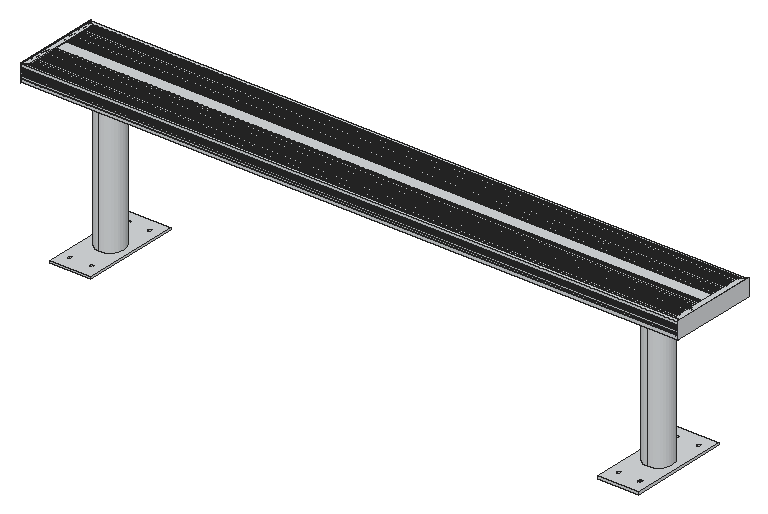
Revit family "Locker_Benches-Salsbury_Industries-Aluminum_77770_Series", category Specialty Equipment, Revit 2026
Family settings
  Round Connector Dimension = Use Diameter
  Part Type = Normal
  Classification Number = 23.40.00.00
  Work Plane-Based = No
  Enable Cutting in Views = No
  Always vertical = Yes
  Cut with Voids When Loaded = No
  Maintain Annotation Orientation = No
  Shared = No
  Room Calculation Point = No
Parameters (values of type "77776")
  Width = 72.250"
  Version = "1.0 (11/16/18)"
  URL = "www.lockers.com"
  Type Comments = "Aluminum Locker Bench"
  Secondary Material = Paint - Salsbury Finish - Aluminum
  Primary Material = Aluminum - Salsbury Finish - Aluminum
  Pedestal Offset = 6.000"
  OmniClass 23 Title = "Equipment and Furnishings"
  OmniClass 23 Number = "23.40.00.00"
  Model = "77776"
  MasterFormat Title = "Locker Room Benches"
  MasterFormat Number = "10 51 53"
  Manufacturer = "Salsbury Industries"
  Height = 18.000"
  Description = "72 Inches Wide"
  Depth = 9.625"
  Default Elevation = 0.000"
  Assembly Code = "C1030310"
Types (7): name | Width | Model | Description
  (no name) | 72.250" | "77776" | "72 Inches Wide"
  77776 | 72.250" | "77776" | "72 Inches Wide"
  77777 | 84.250" | "77777" | "84 Inches Wide"
  77778 | 96.250" | "77778" | "96 Inches Wide"
  77775 | 60.250" | "77775" | "60 Inches Wide"
  77774 | 48.250" | "77774" | "48 Inches Wide"
  77773 | 36.250" | "77773" | "36 Inches Wide"
Reference planes (in)
  plane 1 "Center (Front/Back)": y = 0
  plane 2 "Floor": z = 0
  plane 3 "Center (Left/Right)": x = 0
  plane 4 "Back of Bench": y = -4.8125
  plane 5 "Front Side of Bench": y = 4.8125
  plane 6 "Right Side of Bench": x = 36.125
  plane 7 "Left Side of Bench": x = -36.125
  plane 8 "Top of Bench": z = 18
  plane 9: z = 16.25
  plane 10: y = -0.656
  plane 11: y = 0.656
  plane 12: y = -4.5
  plane 13: y = 4.5
  plane 14: y = -4.2349
  plane 15: z = 17.9375
  plane 16: y = -4.10234
  plane 17: y = -3.96979
  plane 18: y = -3.83724
  plane 19: y = -3.70469
  plane 20: y = -3.57214
  plane 21: y = -3.43959
  plane 22: y = -3.30703
  plane 23: y = -3.17448
  plane 24: y = -3.04193
  plane 25: y = -2.90938
  plane 26: y = -2.77683
  plane 27: y = -2.64428
  plane 28: y = -2.51172
  plane 29: y = -2.37917
  plane 30: y = -2.24662
  plane 31: y = -2.11407
  plane 32: y = -1.98152
  plane 33: y = -1.84897
  plane 34: y = -1.71641
  plane 35: y = -1.58386
  plane 36: y = -1.45131
  plane 37: y = -1.31876
  plane 38: y = -1.18621
  plane 39: y = -1.05366
  plane 40: y = -0.9211
  plane 41: y = 1.05366
  plane 42: y = 1.18621
  plane 43: y = 1.31876
  plane 44: y = 1.45131
  plane 45: y = 1.58386
  plane 46: y = 1.71641
  plane 47: y = 1.84897
  plane 48: y = 1.98152
  plane 49: y = 2.11407
  plane 50: y = 2.24662
  plane 51: y = 2.37917
  plane 52: y = 2.51172
  plane 53: y = 2.64428
  plane 54: y = 2.77683
  plane 55: y = 2.90938
  plane 56: y = 3.04193
  plane 57: y = 3.17448
  plane 58: y = 3.30703
  plane 59: y = 3.43959
  plane 60: y = 3.57214
  plane 61: y = 3.70469
  plane 62: y = 3.83724
  plane 63: y = 3.96979
  plane 64: y = 4.10234
  plane 65: y = 4.2349
  plane 66: y = 4.36745
  plane 67 "Left Side of Seat Plank": x = -36.062
  plane 68 "Right Side of Seat Plank": x = 36.062
  plane 69: z = 17.687
  plane 70: z = 17.56211
  plane 71: z = 17.43722
  plane 72: z = 17.31233
  plane 73: z = 17.18744
  plane 74: z = 17.06256
  plane 75: z = 16.93767
  plane 76: z = 16.81278
  plane 77: z = 16.563
  plane 78: y = -4.7495
  plane 79: y = 4.7495
  plane 80: z = 16.68789
  plane 81: y = -0.78855
  plane 82: y = 0.9211
  plane 83: y = 0.78855
  plane 84: y = -4.36745
  plane 85: x = -35.437
  plane 86: x = 35.437
  plane 87 "Top of Encaps": z = 18.063
  plane 88: y = 4.1875
  plane 89: y = -4.1875
  plane 90 "Bottom of Endcaps": z = 16.187
  plane 91 "Left Pedestal Center": x = -30.125
  plane 92 "Right Pedestal Center": x = 30.125
  plane 93: x = -32.375
  plane 94: x = -27.875
  plane 95: x = 27.875
  plane 96: x = 32.375
  plane 97: y = 4.25
  plane 98: y = -4.25
  plane 99: y = 5.5
  plane 100: y = -5.5
  plane 101 "Top of Bottom Pedestal Plate": z = 0.25
  plane 102 "Bottom of Top Pedestal Plate": z = 16
  plane 103: y = -4
  plane 104: y = 4
  plane 105: x = -31.312
  plane 106: x = -28.938
  plane 107: x = 28.938
  plane 108: x = 31.312
  plane 109: x = -31.62635
  plane 110: x = -28.625
  plane 111: x = 28.625
  plane 112: x = 31.625
  plane 113: y = -1.49831
  plane 114: y = 1.5
Forms (in)
  Extrusion 1, solid, material "Aluminum - Salsbury Finish - Aluminum" <- "Primary Material"
    sketch origin (0, 0, 0) x (0, 1, 0) y (0, 0, 1)
      loop
        line (-4.8125, 18) -> (-4.8125, 17.687) -> (-4.7495, 17.687) -> (-4.7495, 17.56211) -> (-4.8125, 17.56211) -> (-4.8125, 17.43722) -> (-4.7495, 17.43722) -> (-4.7495, 17.31233) -> (-4.8125, 17.31233) -> (-4.8125, 17.18744) -> (-4.7495, 17.18744) -> (-4.7495, 17.06256) -> (-4.8125, 17.06256) -> (-4.8125, 16.93767) -> (-4.7495, 16.93767) -> (-4.7495, 16.81278) -> (-4.8125, 16.81278) -> (-4.8125, 16.68789) -> (-4.7495, 16.68789) -> (-4.7495, 16.563) -> (-4.8125, 16.563) -> (-4.8125, 16.25) -> (4.8125, 16.25) -> (4.8125, 16.563) -> (4.7495, 16.563) -> (4.7495, 16.68789) -> (4.8125, 16.68789) -> (4.8125, 16.81278) -> (4.7495, 16.81278) -> (4.7495, 16.93767) -> (4.8125, 16.93767) -> (4.8125, 17.06256) -> (4.7495, 17.06256) -> (4.7495, 17.18744) -> (4.8125, 17.18744) -> (4.8125, 17.31233) -> (4.7495, 17.31233) -> (4.7495, 17.43722) -> (4.8125, 17.43722) -> (4.8125, 17.56211) -> (4.7495, 17.56211) -> (4.7495, 17.687) -> (4.8125, 17.687) -> (4.8125, 18) -> (4.5, 18) -> (4.5, 17.9375) -> (4.36745, 17.9375) -> (4.36745, 18) -> (4.2349, 18) -> (4.2349, 17.9375) -> (4.10234, 17.9375) -> (4.10234, 18) -> (3.96979, 18) -> (3.96979, 17.9375) -> (3.83724, 17.9375) -> (3.83724, 18) -> (3.70469, 18) -> (3.70469, 17.9375) -> (3.57214, 17.9375) -> (3.57214, 18) -> (3.43959, 18) -> (3.43959, 17.9375) -> (3.30703, 17.9375) -> (3.30703, 18) -> (3.17448, 18) -> (3.17448, 17.9375) -> (3.04193, 17.9375) -> (3.04193, 18) -> (2.90938, 18) -> (2.90938, 17.9375) -> (2.77683, 17.9375) -> (2.77683, 18) -> (2.64428, 18) -> (2.64428, 17.9375) -> (2.51172, 17.9375) -> (2.51172, 18) -> (2.37917, 18) -> (2.37917, 17.9375) -> (2.24662, 17.9375) -> (2.24662, 18) -> (2.11407, 18) -> (2.11407, 17.9375) -> (1.98152, 17.9375) -> (1.98152, 18) -> (1.84897, 18) -> (1.84897, 17.9375) -> (1.71641, 17.9375) -> (1.71641, 18) -> (1.58386, 18) -> (1.58386, 17.9375) -> (1.45131, 17.9375) -> (1.45131, 18) -> (1.31876, 18) -> (1.31876, 17.9375) -> (1.18621, 17.9375) -> (1.18621, 18) -> (1.05366, 18) -> (1.05366, 17.9375) -> (0.9211, 17.9375) -> (0.9211, 18) -> (0.78855, 18) -> (0.78855, 17.9375) -> (0.656, 17.9375) -> (0.656, 18) -> (-0.656, 18) -> (-0.656, 17.9375) -> (-0.78855, 17.9375) -> (-0.78855, 18) -> (-0.9211, 18) -> (-0.9211, 17.9375) -> (-1.05366, 17.9375) -> (-1.05366, 18) -> (-1.18621, 18) -> (-1.18621, 17.9375) -> (-1.31876, 17.9375) -> (-1.31876, 18) -> (-1.45131, 18) -> (-1.45131, 17.9375) -> (-1.58386, 17.9375) -> (-1.58386, 18) -> (-1.71641, 18) -> (-1.71641, 17.9375) -> (-1.84897, 17.9375) -> (-1.84897, 18) -> (-1.98152, 18) -> (-1.98152, 17.9375) -> (-2.11407, 17.9375) -> (-2.11407, 18) -> (-2.24662, 18) -> (-2.24662, 17.9375) -> (-2.37917, 17.9375) -> (-2.37917, 18) -> (-2.51172, 18) -> (-2.51172, 17.9375) -> (-2.64428, 17.9375) -> (-2.64428, 18) -> (-2.77683, 18) -> (-2.77683, 17.9375) -> (-2.90938, 17.9375) -> (-2.90938, 18) -> (-3.04193, 18) -> (-3.04193, 17.9375) -> (-3.17448, 17.9375) -> (-3.17448, 18) -> (-3.30703, 18) -> (-3.30703, 17.9375) -> (-3.43959, 17.9375) -> (-3.43959, 18) -> (-3.57214, 18) -> (-3.57214, 17.9375) -> (-3.70469, 17.9375) -> (-3.70469, 18) -> (-3.83724, 18) -> (-3.83724, 17.9375) -> (-3.96979, 17.9375) -> (-3.96979, 18) -> (-4.10234, 18) -> (-4.10234, 17.9375) -> (-4.2349, 17.9375) -> (-4.2349, 18) -> (-4.36745, 18) -> (-4.36745, 17.9375) -> (-4.5, 17.9375) -> (-4.5, 18) -> (-4.8125, 18)
    from -36.062 to 36.062
  Extrusion 2, solid, material "Aluminum - Salsbury Finish - Aluminum" <- "Primary Material"
    sketch origin (-36.125, 0, 0) x (0, -1, 0) y (0, 0, 1)
      loop
        line (4.8125, 18.063) -> (-4.8125, 18.063) -> (-4.8125, 16.187) -> (4.8125, 16.187) -> (4.8125, 18.063)
    from 0 to -0.063
  Extrusion 3, solid, material "Aluminum - Salsbury Finish - Aluminum" <- "Primary Material"
    sketch origin (36.125, 0, 0) x (0, -1, 0) y (0, 0, 1)
      loop
        line (4.8125, 18.063) -> (-4.8125, 18.063) -> (-4.8125, 16.187) -> (4.8125, 16.187) -> (4.8125, 18.063)
    from 0 to 0.063
  Extrusion 4, solid, material "Aluminum - Salsbury Finish - Aluminum" <- "Primary Material"
    sketch origin (0, 0, 18.063) x (0, -1, 0) y (1, 0, 0)
      loop
        line (-4.8125, -36.062) -> (4.8125, -36.062) -> (4.1875, -35.437) -> (-4.1875, -35.437) -> (-4.8125, -36.062)
    from 0 to -0.063
  Extrusion 5, solid, material "Aluminum - Salsbury Finish - Aluminum" <- "Primary Material", detail levels fine
    sketch origin (0, 0, 16.187) x (0, -1, 0) y (1, 0, 0)
      loop
        line (-4.8125, -36.062) -> (4.8125, -36.062) -> (4.1875, -35.437) -> (-4.1875, -35.437) -> (-4.8125, -36.062)
    from 0.063 to 0
  Extrusion 6, solid, material "Aluminum - Salsbury Finish - Aluminum" <- "Primary Material"
    sketch origin (0, 0, 18.063) x (0, -1, 0) y (1, 0, 0)
      loop
        line (-4.8125, 36.062) -> (-4.1875, 35.437) -> (4.1875, 35.437) -> (4.8125, 36.062) -> (-4.8125, 36.062)
    from 0 to -0.063
  Extrusion 7, solid, material "Aluminum - Salsbury Finish - Aluminum" <- "Primary Material", detail levels fine
    sketch origin (0, 0, 16.187) x (0, -1, 0) y (1, 0, 0)
      loop
        line (-4.8125, 36.062) -> (-4.1875, 35.437) -> (4.1875, 35.437) -> (4.8125, 36.062) -> (-4.8125, 36.062)
    from 0.063 to 0
  Extrusion 8, solid, material "Paint - Salsbury Finish - Aluminum" <- "Secondary Material"
    sketch origin (0, 0, 0) x (1, 0, 0) y (0, 1, 0)
      loop
        line (-32.375, 5.5) -> (-32.375, -5.5) -> (-27.875, -5.5) -> (-27.875, 5.5) -> (-32.375, 5.5)
    from 0 to 0.25
  Extrusion 9, solid, material "Paint - Salsbury Finish - Aluminum" <- "Secondary Material"
    sketch origin (0, 0, 16) x (0, -1, 0) y (1, 0, 0)
      loop
        line (-4.25, -32.375) -> (4.25, -32.375) -> (4.25, -27.875) -> (-4.25, -27.875) -> (-4.25, -32.375)
    from 0 to 0.25
  Extrusion 10, solid, material "Paint - Salsbury Finish - Aluminum" <- "Secondary Material"
    sketch origin (0, 0, 0.25) x (0, -1, 0) y (1, 0, 0)
      loop
        circle (0, -30.125) r 1.5
    from 0 to 15.75
  Extrusion 11, solid, material "Paint - Salsbury Finish - Aluminum" <- "Secondary Material"
    sketch origin (0, 0, 0) x (-1, 0, 0) y (0, -1, 0)
      loop
        line (-32.375, -5.5) -> (-27.875, -5.5) -> (-27.875, 5.5) -> (-32.375, 5.5) -> (-32.375, -5.5)
    from 0 to 0.25
  Extrusion 12, solid, material "Paint - Salsbury Finish - Aluminum" <- "Secondary Material"
    sketch origin (0, 0, 16) x (0, -1, 0) y (1, 0, 0)
      loop
        line (-4.25, 32.375) -> (-4.25, 27.875) -> (4.25, 27.875) -> (4.25, 32.375) -> (-4.25, 32.375)
    from 0 to 0.25
  Extrusion 13, solid, material "Paint - Salsbury Finish - Aluminum" <- "Secondary Material"
    sketch origin (0, 0, 0.25) x (0, -1, 0) y (1, 0, 0)
      loop
        circle (0, 30.125) r 1.5
    from 0 to 15.75
  Extrusion 14, void
    sketch origin (0, 0, 0) x (1, 0, 0) y (0, 1, 0)
      loop
        circle (-31.312, 4) r 0.188
      loop
        circle (-28.938, 4) r 0.188
      loop
        circle (-31.312, -4) r 0.188
      loop
        circle (-28.938, -4) r 0.188
    from 0 to 0.25
  Extrusion 15, void
    sketch origin (0, 0, 0) x (-1, 0, 0) y (0, -1, 0)
      loop
        circle (-31.312, -4) r 0.188
      loop
        circle (-28.938, -4) r 0.188
      loop
        circle (-31.312, 4) r 0.188
      loop
        circle (-28.938, 4) r 0.188
    from 0 to 0.25
Cuts and joins
  Extrusion 14, Extrusion 15 cuts Extrusion 8
  Extrusion 15 cuts Extrusion 11
Lines and regions (in)
  symbolic lines
    curve 1: line (-36.125, 4.8125, 0) -> (36.125, 4.8125, 0)
    curve 2: line (-36.125, -4.8125, 0) -> (-36.125, 4.8125, 0)
    curve 3: line (36.125, -4.8125, 0) -> (-36.125, -4.8125, 0)
    curve 4: line (36.125, 4.8125, 0) -> (36.125, -4.8125, 0)
    curve 5: line (-32.375, 5.5, 0) -> (-27.875, 5.5, 0)
    curve 6: line (-27.875, 5.5, 0) -> (-27.875, 4.8125, 0)
    curve 7: line (-32.375, 5.5, 0) -> (-32.375, 4.8125, 0)
    curve 8: line (-32.375, -5.5, 0) -> (-27.875, -5.5, 0)
    curve 9: line (-27.875, -5.5, 0) -> (-27.875, -4.8125, 0)
    curve 10: line (-32.375, -5.5, 0) -> (-32.375, -4.8125, 0)
    curve 11: line (27.875, 5.5, 0) -> (32.375, 5.5, 0)
    curve 12: line (32.375, 5.5, 0) -> (32.375, 4.8125, 0)
    curve 13: line (27.875, 5.5, 0) -> (27.875, 4.8125, 0)
    curve 14: line (27.875, -5.5, 0) -> (32.375, -5.5, 0)
    curve 15: line (32.375, -5.5, 0) -> (32.375, -4.8125, 0)
    curve 16: line (27.875, -5.5, 0) -> (27.875, -4.8125, 0)
    curve 17: line (-36.125, 0, 18) -> (36.125, 0, 18)
    curve 18: line (-36.125, 0, 16.25) -> (-36.125, 0, 18)
    curve 19: line (36.125, 0, 16.25) -> (-36.125, 0, 16.25)
    curve 20: line (36.125, 0, 18) -> (36.125, 0, 16.25)
    curve 21: line (-32.375, 0, 16) -> (-27.875, 0, 16)
    curve 22: line (-32.375, 0, 16.25) -> (-32.375, 0, 16)
    curve 23: line (-27.875, 0, 16) -> (-27.875, 0, 16.25)
    curve 24: line (-32.375, 0, 0.25) -> (-27.875, 0, 0.25)
    curve 25: line (-32.375, 0, 0) -> (-32.375, 0, 0.25)
    curve 26: line (-27.875, 0, 0) -> (-32.375, 0, 0)
    curve 27: line (-27.875, 0, 0.25) -> (-27.875, 0, 0)
    curve 28: line (-31.62635, 0, 0.25) -> (-31.62635, 0, 16)
    curve 29: line (-28.625, 0, 0.25) -> (-28.625, 0, 16)
    curve 30: line (27.875, 0, 16) -> (27.875, 0, 16.25)
    curve 31: line (32.375, 0, 16) -> (27.875, 0, 16)
    curve 32: line (32.375, 0, 16.25) -> (32.375, 0, 16)
    curve 33: line (27.875, 0, 0.25) -> (32.375, 0, 0.25)
    curve 34: line (27.875, 0, 0) -> (27.875, 0, 0.25)
    curve 35: line (32.375, 0, 0) -> (27.875, 0, 0)
    curve 36: line (32.375, 0, 0.25) -> (32.375, 0, 0)
    curve 37: line (28.625, 0, 0.25) -> (28.625, 0, 16)
    curve 38: line (31.625, 0, 0.25) -> (31.625, 0, 16)
    curve 39: line (36.125, -4.8125, 18.063) -> (36.125, 4.8125, 18.063)
    curve 40: line (36.125, -4.8125, 16.187) -> (36.125, -4.8125, 18.063)
    curve 41: line (36.125, 4.8125, 16.187) -> (36.125, -4.8125, 16.187)
    curve 42: line (36.125, 4.8125, 18.063) -> (36.125, 4.8125, 16.187)
    curve 43: line (36.125, -4.25, 16) -> (36.125, -4.25, 16.187)
    curve 44: line (36.125, 4.25, 16) -> (36.125, -4.25, 16)
    curve 45: line (36.125, 4.25, 16.187) -> (36.125, 4.25, 16)
    curve 46: line (36.125, -5.5, 0.25) -> (36.125, 5.5, 0.25)
    curve 47: line (36.125, -5.5, 0) -> (36.125, -5.5, 0.25)
    curve 48: line (36.125, 5.5, 0) -> (36.125, -5.5, 0)
    curve 49: line (36.125, 5.5, 0.25) -> (36.125, 5.5, 0)
    curve 50: line (36.125, 1.5, 0.25) -> (36.125, 1.5, 16)
    curve 51: line (36.125, -1.49831, 0.25) -> (36.125, -1.49831, 16)
Dimensions and locks (in)
  equal spacing: plane 7 "Left Side of Bench", plane 3 "Center (Left/Right)", plane 6 "Right Side of Bench"
  "Width": plane 7 "Left Side of Bench" to plane 6 "Right Side of Bench"
  equal spacing: plane 4 "Back of Bench", plane 1 "Center (Front/Back)", plane 5 "Front Side of Bench"
  "Depth": plane 4 "Back of Bench" to plane 5 "Front Side of Bench"
  "Height": plane 8 "Top of Bench" to plane 2 "Floor"
  locked: plane 9 to plane 8 "Top of Bench" at 1.75
  plane 10 to plane 1 "Center (Front/Back)" to plane 11 = 0.656" locked, 0.656" locked
  locked: plane 4 "Back of Bench" to plane 12 at 0.3125
  locked: plane 13 to plane 5 "Front Side of Bench" at 0.3125
  locked: plane 15 to plane 8 "Top of Bench" at 0.0625
  equal spacing: plane 12, plane 84, plane 14, plane 16, plane 17, plane 18, plane 19, plane 20, plane 21, plane 22, plane 23, plane 24, plane 25, plane 26, plane 27, plane 28, plane 29, plane 30, plane 31, plane 32, plane 33, plane 34, plane 35, plane 36, plane 37, plane 38, plane 39, plane 40, plane 81, plane 10
  equal spacing: plane 11, plane 83, plane 82, plane 41, plane 42, plane 43, plane 44, plane 45, plane 46, plane 47, plane 48, plane 49, plane 50, plane 51, plane 52, plane 53, plane 54, plane 55, plane 56, plane 57, plane 58, plane 59, plane 60, plane 61, plane 62, plane 63, plane 64, plane 65, plane 66, plane 13
  locked: plane 7 "Left Side of Bench" to plane 67 "Left Side of Seat Plank" at 0.063
  locked: plane 68 "Right Side of Seat Plank" to plane 6 "Right Side of Bench" at 0.063
  locked: plane 69 to plane 8 "Top of Bench" at 0.313
  locked: plane 9 to plane 77 at 0.313
  equal spacing: plane 69, plane 70, plane 71, plane 72, plane 73, plane 74, plane 75, plane 76, plane 80, plane 77
  locked: plane 4 "Back of Bench" to plane 78 at 0.063
  locked: plane 79 to plane 5 "Front Side of Bench" at 0.063
  locked: plane 7 "Left Side of Bench" to plane 85 at 0.688
  locked: plane 86 to plane 6 "Right Side of Bench" at 0.688
  locked: plane 8 "Top of Bench" to plane 87 "Top of Encaps" at 0.063
  locked: plane 88 to plane 5 "Front Side of Bench" at 0.625
  locked: plane 4 "Back of Bench" to plane 89 at 0.625
  locked: plane 9 to plane 90 "Bottom of Endcaps" at 0.063
  "Pedestal Offset": plane 7 "Left Side of Bench" to plane 91 "Left Pedestal Center"
  "Pedestal Offset": plane 92 "Right Pedestal Center" to plane 6 "Right Side of Bench"
  plane 95 to plane 92 "Right Pedestal Center" to plane 96 = 2.250" locked, 2.250" locked
  plane 93 to plane 91 "Left Pedestal Center" to plane 94 = 2.250" locked, 2.250" locked
  plane 98 to plane 1 "Center (Front/Back)" to plane 97 = 4.250" locked, 4.250" locked
  plane 100 to plane 1 "Center (Front/Back)" to plane 99 = 5.500" locked, 5.500" locked
  locked: plane 101 "Top of Bottom Pedestal Plate" to plane 2 "Floor" at 0.25
  locked: plane 9 to plane 102 "Bottom of Top Pedestal Plate" at 0.25
  locked: plane 104 to plane 99 at 1.5
  locked: plane 100 to plane 103 at 1.5
  locked: plane 93 to plane 105 at 1.063
  locked: plane 106 to plane 94 at 1.063
  locked: plane 95 to plane 107 at 1.063
  locked: plane 108 to plane 96 at 1.063
  locked: plane 93 to plane 109 at 0.74865
  locked: plane 110 to plane 94 at 0.75
  locked: plane 95 to plane 111 at 0.75
  locked: plane 112 to plane 96 at 0.75
  aligned and locked: plane 2 "Floor" to level
  aligned and locked: plane 4 "Back of Bench" to Extrusion 1 sketch curve  (x6)
  aligned and locked: Extrusion 1 sketch curve to plane 69  (x2)
  aligned and locked: plane 78 to Extrusion 1 sketch curve  (x5)
  aligned and locked: plane 70 to Extrusion 1 sketch curve  (x2)
  aligned and locked: Extrusion 1 sketch curve to plane 71  (x2)
  aligned and locked: plane 72 to Extrusion 1 sketch curve  (x2)
  aligned and locked: Extrusion 1 sketch curve to plane 73  (x2)
  aligned and locked: plane 74 to Extrusion 1 sketch curve  (x2)
  aligned and locked: Extrusion 1 sketch curve to plane 75  (x2)
  aligned and locked: plane 76 to Extrusion 1 sketch curve  (x2)
  aligned and locked: Extrusion 1 sketch curve to plane 80  (x2)
  aligned and locked: plane 77 to Extrusion 1 sketch curve  (x2)
  aligned and locked: plane 9 to Extrusion 1 sketch curve
  aligned and locked: Extrusion 1 sketch curve to plane 5 "Front Side of Bench"  (x6)
  aligned and locked: Extrusion 1 sketch curve to plane 79  (x5)
  aligned and locked: Extrusion 1 sketch curve to plane 8 "Top of Bench"  (x31)
  aligned and locked: Extrusion 1 sketch curve to plane 13
  aligned and locked: Extrusion 1 sketch curve to plane 15  (x29)
  aligned and locked: plane 66 to Extrusion 1 sketch curve
  aligned and locked: Extrusion 1 sketch curve to plane 65
  aligned and locked: plane 64 to Extrusion 1 sketch curve
  aligned and locked: Extrusion 1 sketch curve to plane 63
  aligned and locked: plane 62 to Extrusion 1 sketch curve
  aligned and locked: Extrusion 1 sketch curve to plane 61
  aligned and locked: plane 60 to Extrusion 1 sketch curve
  aligned and locked: Extrusion 1 sketch curve to plane 59
  aligned and locked: plane 58 to Extrusion 1 sketch curve
  aligned and locked: Extrusion 1 sketch curve to plane 57
  aligned and locked: plane 56 to Extrusion 1 sketch curve
  aligned and locked: Extrusion 1 sketch curve to plane 55
  aligned and locked: plane 54 to Extrusion 1 sketch curve
  aligned and locked: Extrusion 1 sketch curve to plane 53
  aligned and locked: plane 52 to Extrusion 1 sketch curve
  aligned and locked: Extrusion 1 sketch curve to plane 51
  aligned and locked: plane 50 to Extrusion 1 sketch curve
  aligned and locked: Extrusion 1 sketch curve to plane 49
  aligned and locked: plane 48 to Extrusion 1 sketch curve
  aligned and locked: Extrusion 1 sketch curve to plane 47
  aligned and locked: plane 46 to Extrusion 1 sketch curve
  aligned and locked: Extrusion 1 sketch curve to plane 45
  aligned and locked: plane 44 to Extrusion 1 sketch curve
  aligned and locked: Extrusion 1 sketch curve to plane 43
  aligned and locked: plane 42 to Extrusion 1 sketch curve
  aligned and locked: Extrusion 1 sketch curve to plane 41
  aligned and locked: Extrusion 1 sketch curve to plane 82
  aligned and locked: plane 83 to Extrusion 1 sketch curve
  aligned and locked: plane 11 to Extrusion 1 sketch curve
  aligned and locked: Extrusion 1 sketch curve to plane 10
  aligned and locked: Extrusion 1 sketch curve to plane 81
  aligned and locked: Extrusion 1 sketch curve to plane 40
  aligned and locked: plane 39 to Extrusion 1 sketch curve
  aligned and locked: Extrusion 1 sketch curve to plane 38
  aligned and locked: plane 37 to Extrusion 1 sketch curve
  aligned and locked: Extrusion 1 sketch curve to plane 36
  aligned and locked: plane 35 to Extrusion 1 sketch curve
  aligned and locked: Extrusion 1 sketch curve to plane 34
  aligned and locked: plane 33 to Extrusion 1 sketch curve
  aligned and locked: Extrusion 1 sketch curve to plane 32
  aligned and locked: plane 31 to Extrusion 1 sketch curve
  aligned and locked: Extrusion 1 sketch curve to plane 30
  aligned and locked: plane 29 to Extrusion 1 sketch curve
  aligned and locked: Extrusion 1 sketch curve to plane 28
  aligned and locked: plane 27 to Extrusion 1 sketch curve
  aligned and locked: Extrusion 1 sketch curve to plane 26
  aligned and locked: plane 25 to Extrusion 1 sketch curve
  aligned and locked: Extrusion 1 sketch curve to plane 24
  aligned and locked: plane 23 to Extrusion 1 sketch curve
  aligned and locked: Extrusion 1 sketch curve to plane 22
  aligned and locked: plane 21 to Extrusion 1 sketch curve
  aligned and locked: Extrusion 1 sketch curve to plane 20
  aligned and locked: plane 19 to Extrusion 1 sketch curve
  aligned and locked: plane 18 to Extrusion 1 sketch curve
  aligned and locked: plane 17 to Extrusion 1 sketch curve
  aligned and locked: Extrusion 1 sketch curve to plane 16
  aligned and locked: plane 14 to Extrusion 1 sketch curve
  aligned and locked: plane 84 to Extrusion 1 sketch curve
  aligned and locked: plane 12 to Extrusion 1 sketch curve
  aligned and locked: plane 67 "Left Side of Seat Plank" to Extrusion 1
  aligned and locked: plane 87 "Top of Encaps" to Extrusion 2 sketch curve
  aligned and locked: Extrusion 2 sketch curve to plane 90 "Bottom of Endcaps"
  aligned and locked: Extrusion 2 sketch curve to plane 5 "Front Side of Bench"
  aligned and locked: Extrusion 2 sketch curve to plane 4 "Back of Bench"
  aligned and locked: Extrusion 2 to plane 67 "Left Side of Seat Plank"
  aligned and locked: plane 90 "Bottom of Endcaps" to Extrusion 3 sketch curve
  aligned and locked: plane 5 "Front Side of Bench" to Extrusion 3 sketch curve
  aligned and locked: Extrusion 3 sketch curve to plane 4 "Back of Bench"
  aligned and locked: Extrusion 3 sketch curve to plane 87 "Top of Encaps"
  aligned and locked: plane 6 "Right Side of Bench" to Extrusion 3
  aligned and locked: plane 68 "Right Side of Seat Plank" to Extrusion 3
  aligned and locked: Extrusion 4 sketch curve to plane 85
  aligned and locked: Extrusion 4 to plane 8 "Top of Bench"
  aligned and locked: plane 67 "Left Side of Seat Plank" to Extrusion 4 sketch curve
  aligned and locked: plane 87 "Top of Encaps" to Extrusion 4
  aligned and locked: Extrusion 5 to plane 9
  aligned and locked: Extrusion 5 to plane 90 "Bottom of Endcaps"
  aligned and locked: plane 67 "Left Side of Seat Plank" to Extrusion 5 sketch curve
  aligned and locked: Extrusion 5 sketch curve to plane 85
  aligned and locked: plane 88 to Extrusion 5 sketch curve
  aligned and locked: plane 5 "Front Side of Bench" to Extrusion 5 sketch curve
  aligned and locked: plane 89 to Extrusion 5 sketch curve
  aligned and locked: plane 4 "Back of Bench" to Extrusion 5 sketch curve
  aligned and locked: plane 89 to Extrusion 4 sketch curve
  aligned and locked: plane 4 "Back of Bench" to Extrusion 4 sketch curve
  aligned and locked: plane 88 to Extrusion 4 sketch curve
  aligned and locked: plane 5 "Front Side of Bench" to Extrusion 4 sketch curve
  aligned and locked: plane 68 "Right Side of Seat Plank" to Extrusion 6 sketch curve
  aligned and locked: Extrusion 6 sketch curve to plane 86
  aligned and locked: plane 88 to Extrusion 6 sketch curve
  aligned and locked: plane 5 "Front Side of Bench" to Extrusion 6 sketch curve
  aligned and locked: plane 4 "Back of Bench" to Extrusion 6 sketch curve
  aligned and locked: plane 89 to Extrusion 6 sketch curve
  aligned and locked: plane 68 "Right Side of Seat Plank" to Extrusion 7 sketch curve
  aligned and locked: Extrusion 7 sketch curve to plane 86
  aligned and locked: plane 89 to Extrusion 7 sketch curve
  aligned and locked: plane 4 "Back of Bench" to Extrusion 7 sketch curve
  aligned and locked: plane 5 "Front Side of Bench" to Extrusion 7 sketch curve
  aligned and locked: plane 88 to Extrusion 7 sketch curve
  aligned and locked: Extrusion 7 to plane 90 "Bottom of Endcaps"
  aligned and locked: Extrusion 7 to plane 9
  aligned and locked: plane 87 "Top of Encaps" to Extrusion 6
  aligned and locked: plane 8 "Top of Bench" to Extrusion 6
  aligned and locked: Extrusion 1 to plane 68 "Right Side of Seat Plank"
  aligned and locked: Extrusion 8 sketch curve to plane 99
  aligned and locked: Extrusion 8 sketch curve to plane 93
  aligned and locked: plane 100 to Extrusion 8 sketch curve
  aligned and locked: plane 94 to Extrusion 8 sketch curve
  aligned and locked: Extrusion 8 to plane 101 "Top of Bottom Pedestal Plate"
  aligned and locked: Extrusion 8 to plane 2 "Floor"
  aligned and locked: Extrusion 9 sketch curve to plane 97
  aligned and locked: plane 93 to Extrusion 9 sketch curve
  aligned and locked: plane 98 to Extrusion 9 sketch curve
  aligned and locked: Extrusion 9 sketch curve to plane 94
  aligned and locked: plane 102 "Bottom of Top Pedestal Plate" to Extrusion 9
  aligned and locked: Extrusion 9 to plane 9
  aligned and locked: plane 91 "Left Pedestal Center" to Extrusion 10 sketch curve
  aligned and locked: plane 1 "Center (Front/Back)" to Extrusion 10 sketch curve
  aligned and locked: plane 101 "Top of Bottom Pedestal Plate" to Extrusion 10
  aligned and locked: Extrusion 10 to plane 102 "Bottom of Top Pedestal Plate"
  aligned and locked: Extrusion 11 sketch curve to plane 99
  aligned and locked: plane 95 to Extrusion 11 sketch curve
  aligned and locked: Extrusion 11 sketch curve to plane 96
  aligned and locked: plane 100 to Extrusion 11 sketch curve
  aligned and locked: Extrusion 11 to plane 2 "Floor"
  aligned and locked: plane 95 to Extrusion 12 sketch curve
  aligned and locked: Extrusion 12 sketch curve to plane 97
  aligned and locked: plane 98 to Extrusion 12 sketch curve
  aligned and locked: Extrusion 12 sketch curve to plane 96
  aligned and locked: Extrusion 12 to plane 9
  aligned and locked: plane 102 "Bottom of Top Pedestal Plate" to Extrusion 12
  aligned and locked: plane 92 "Right Pedestal Center" to Extrusion 13 sketch curve
  aligned and locked: plane 1 "Center (Front/Back)" to Extrusion 13 sketch curve
  aligned and locked: plane 105 to Extrusion 14 sketch curve  (x2)
  aligned and locked: plane 104 to Extrusion 14 sketch curve  (x2)
  aligned and locked: plane 106 to Extrusion 14 sketch curve  (x2)
  aligned and locked: plane 103 to Extrusion 14 sketch curve  (x2)
  aligned and locked: Extrusion 14 to plane 101 "Top of Bottom Pedestal Plate"
  aligned and locked: Extrusion 14 to plane 2 "Floor"
  aligned and locked: Extrusion 15 to plane 2 "Floor"
  aligned and locked: Extrusion 15 to plane 101 "Top of Bottom Pedestal Plate"
  aligned and locked: Extrusion 15 sketch curve to plane 104  (x2)
  aligned and locked: plane 107 to Extrusion 15 sketch curve  (x2)
  aligned and locked: plane 108 to Extrusion 15 sketch curve  (x2)
  aligned and locked: Extrusion 15 sketch curve to plane 103  (x2)
  aligned and locked: Extrusion 13 to plane 102 "Bottom of Top Pedestal Plate"
  aligned and locked: plane 101 "Top of Bottom Pedestal Plate" to Extrusion 13
  aligned and locked: plane 6 "Right Side of Bench" to curve 4
  aligned and locked: curve 3 to plane 4 "Back of Bench"
  aligned and locked: curve 2 to plane 7 "Left Side of Bench"
  aligned and locked: plane 5 "Front Side of Bench" to curve 1
  aligned and locked: curve 5 to plane 99
  aligned and locked: curve 6 to plane 99
  aligned and locked: plane 5 "Front Side of Bench" to curve 6
  aligned and locked: plane 94 to curve 6
  aligned and locked: plane 93 to curve 7
  aligned and locked: curve 8 to plane 100
  aligned and locked: curve 9 to plane 94
  aligned and locked: curve 10 to plane 93
  aligned and locked: plane 99 to curve 11
  aligned and locked: plane 95 to curve 13
  aligned and locked: plane 99 to curve 12
  aligned and locked: plane 96 to curve 12
  aligned and locked: plane 100 to curve 14
  aligned and locked: curve 16 to plane 95
  aligned and locked: plane 4 "Back of Bench" to curve 15
  aligned and locked: curve 15 to plane 96
  aligned and locked: curve 18 to plane 7 "Left Side of Bench"
  aligned and locked: plane 6 "Right Side of Bench" to curve 20
  aligned and locked: curve 17 to plane 8 "Top of Bench"
  aligned and locked: curve 19 to plane 9
  aligned and locked: plane 102 "Bottom of Top Pedestal Plate" to curve 21
  aligned and locked: curve 23 to plane 94
  aligned and locked: plane 93 to curve 22
  aligned and locked: plane 2 "Floor" to curve 26
  aligned and locked: plane 94 to curve 27
  aligned and locked: plane 101 "Top of Bottom Pedestal Plate" to curve 24
  aligned and locked: curve 25 to plane 93
  aligned and locked: plane 101 "Top of Bottom Pedestal Plate" to curve 28
  aligned and locked: plane 102 "Bottom of Top Pedestal Plate" to curve 28
  aligned and locked: curve 28 to plane 109
  aligned and locked: curve 29 to plane 110
  aligned and locked: curve 31 to plane 102 "Bottom of Top Pedestal Plate"
  aligned and locked: curve 30 to plane 95
  aligned and locked: plane 96 to curve 32
  aligned and locked: plane 2 "Floor" to curve 35
  aligned and locked: curve 34 to plane 95
  aligned and locked: plane 96 to curve 36
  aligned and locked: plane 101 "Top of Bottom Pedestal Plate" to curve 33
  aligned and locked: plane 101 "Top of Bottom Pedestal Plate" to curve 37
  aligned and locked: plane 102 "Bottom of Top Pedestal Plate" to curve 37
  aligned and locked: curve 37 to plane 111
  aligned and locked: curve 38 to plane 112
  aligned and locked: plane 90 "Bottom of Endcaps" to curve 41
  aligned and locked: curve 39 to plane 87 "Top of Encaps"
  aligned and locked: plane 5 "Front Side of Bench" to curve 42
  aligned and locked: curve 40 to plane 4 "Back of Bench"
  aligned and locked: plane 97 to curve 45
  aligned and locked: curve 43 to plane 98
  aligned and locked: plane 2 "Floor" to curve 48
  aligned and locked: plane 99 to curve 49
  aligned and locked: curve 47 to plane 100
  aligned and locked: plane 101 "Top of Bottom Pedestal Plate" to curve 50
  aligned and locked: plane 102 "Bottom of Top Pedestal Plate" to curve 50
  aligned and locked: plane 101 "Top of Bottom Pedestal Plate" to curve 51
  aligned and locked: plane 102 "Bottom of Top Pedestal Plate" to curve 51
  aligned and locked: curve 50 to plane 114
  aligned and locked: curve 51 to plane 113
Automatic sketch dimensions
  plane 15 to Extrusion 1 sketch curve = 0.000"
  radius of Extrusion 10 sketch curve = 1.500"
  radius of Extrusion 13 sketch curve = 1.500"
  radius of Extrusion 14 sketch curve = 0.188"  (x4)
  radius of Extrusion 15 sketch curve = 0.188"  (x4)
